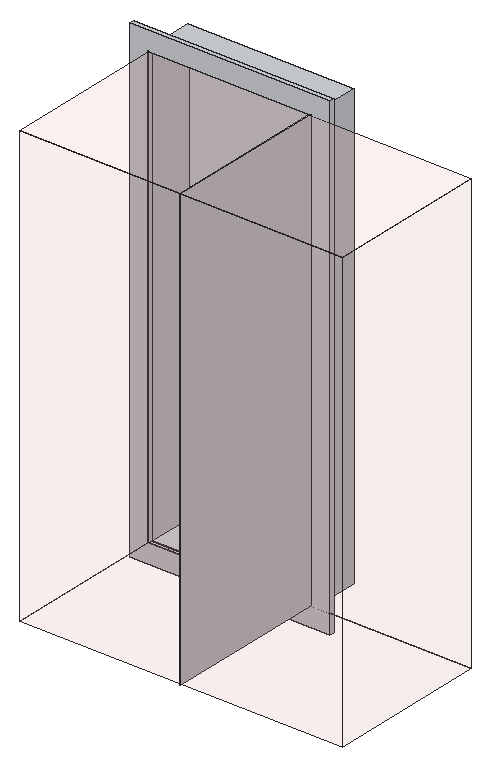
Revit family "Hager-VOLTA-Flush_mounted-IP30-With_Cover-Without_DIN-NoHosted-PL-pl", category Electrical Equipment, Revit 2023
Family settings
  Panel Configuration = Two Columns, Circuits Across
  Round Connector Dimension = Use Diameter
  Part Type = Panelboard
  Work Plane-Based = Yes
  Always vertical = Yes
  Cut with Voids When Loaded = No
  Maintain Annotation Orientation = No
  Shared = No
  Room Calculation Point = No
Parameters (values of type "VOLTA-Flush_mounted_W348_H880_D98_12_Modular_Spacing-VU60NWP")
  Width Control [instance] = if([HG000006-Flush mounted-pl], if([EF000846 - Szerokość wbudowania] > min_whd, [EF000846 - Szerokość wbudowania], min_whd), if([EF000008 - Szerokość] > min_whd, ([EF000008 - Szerokość]), min_whd))  # 314.5 mm
  Void Depth [instance] = if([EF000218 - Głębokość wbudowania] > 1 mm, [EF000218 - Głębokość wbudowania], 1 mm)  # 89 mm
  Uniformat code = "D501001"
  Uniformat = "Low Tension Service & Dist."
  Référence = ""
  HGEF0002950-Szerokość wyrażona liczbą modułów = 12
  HGEF000266-Liczba rzędów = 0
  HG000131 - Functional label [instance] = ""
  HG000130 - Functional name [instance] = ""
  HG000099-Onfly Template ID-pl-PL = "507532"
  HG000059-Operating voltage-pl-PL [instance] = 230 V
  HG000017-Distance between poles-pl = 18 mm
  HG000016-Door 3D visibility-pl = yes
  HG000015-Clearance visibility-pl = yes
  HG000014-Door on the right-pl = yes
  HG000013-Door on the left-pl = no
  HG000012-Door swing angle-pl = 90.00°
  HG000011-Empty rows from bottom-pl = no
  HG000010-Asymmetric doors-pl = no
  HG000009-Double swing door-pl = no
  HG000008-Number of empty rows-pl = 0
  HG000007-Number of empty columns-pl = 0
  HG000006-Flush mounted-pl = yes
  HG000005-Thickness-pl = 2 mm
  HG000004-Manufacturer reference-pl = "VU60NWP"
  HG000003-Range-pl = "VOLTA"
  HG000002-with door or cover-pl = yes
  HG000001-Number of columns-pl = 0
  ETIM class name = "Small distribution board"
  ETIM class code = "EC000214"
  EF015941 - Drzwi przepuszczające sygnał = no
  EF015777 - Listwa zaciskowa przewodu neutralnego = yes
  EF015776 - Listwa zaciskowa uziemienia = yes
  EF009212 - Wykonanie/rodzaj pokrywy = "Z otworem"
  EF006306 - Z zamkiem = no
  EF006244 - Transparentna pokrywa/drzwi = no
  EF005474 - Stopień ochrony (IP) = "IP30"
  EF004464 - Rodzaj drzwi = ""
  EF004462 - Rodzaj zamknięcia = "Inne"
  EF002950 - Szerokość wyrażona liczbą modułów = 12
  EF001596 - Materiał obudowy = ""
  EF001134 - Szyna DIN = no
  EF001131 - Głębokość wewnętrzna = 0 mm
  EF001088 - Możliwość rozbudowy = yes
  EF001062 - Wykonanie zgodne z Dyrektywą Kompatybilności Elektromagnetycznej EMC = no
  EF000846 - Szerokość wbudowania = 314.5 mm
  EF000339 - Rodzaj pokrywy = ""
  EF000332 - Wysokość wbudowania = 845 mm
  EF000266 - Liczba rzędów = 0
  EF000218 - Głębokość wbudowania = 89 mm
  EF000118 - Z płytą montażową = yes
  EF000116 - Numer RAL = 9010
  EF000049 - Głębokość = 98 mm
  EF000040 - Wysokość = 880 mm
  EF000024 - Odporność na promieniowanie UV = no
  EF000008 - Szerokość = 348 mm
  EF000007 - Kolor = "Biały"
  EF000003 - Sposób montażu = "Montaż podtynkowy"
  Type Comments = ""
  System Height [instance] = Height Control - 2 * [HG000005-Thickness-pl]  # 841 mm
  Reference description = ""
  Reference = "VOLTA-Flush_mounted_W348_H880_D98_12_Modular_Spacing-VU60NWP"
  Panel Name [instance] = ""  # (empty or 0)
  Offset [instance] = 0 mm
  Object type = ""
  Name hager = "ADD_Enclosures_EC000214"
  Name BIM&CO = "Electricity"
  Name = "VOLTA-Flush_mounted-IP30-With_Cover-Without_DIN-PL"
  Model = ""
  Level Offset [instance] = [Flush Mounted - Door Frame Width] + Offset  # 35 mm
  HG000060-RAL-number = "9010"
  GTIN (Global Trade Item Number) = ""
  Description = ""
  Default Elevation = 1200 mm
  Creation Date = "12/15/2025 21:47:10"
  Code hager = "ADD-EC000214_EU"
  Code Uniformat = ""
  BIM&CO code = ""
  BC_VARIANT_ID = "1174407"
  BC_OBJECT_VERSION = "#5"  # constant formula
  BC_OBJECT_ID = "513497"  # constant formula
  BC_MODEL_ID = "1547213"  # constant formula
  BC_METADATA = "{\"ObjectGuid\":\"bc35c96e-cb38-443e-833d-0616858cb9ac\",\"ModelGuid\":\"8af03f69-2293-4735-a617-cc53adf55621\",\"VariantGuid\":\"8b6e323b-1b53-409a-a940-11b5a7fc5337\",\"Revision\":\"#4\",\"VariantName\":\"Template-Enclosure_EU-EC000214\"}"
  Arrow Offset [instance] = Depth Control / 8  # 11.125 mm
  Arrow Height [instance] = Depth Control - Arrow Offset  # 77.875 mm
  Host Offset [instance] = if([HG000006-Flush mounted-pl], 0 mm, [EF000049 - Głębokość])  # 0 mm
  min_whd [instance] = (2 * [HG000005-Thickness-pl]) + 1 mm  # 5 mm
  Manufacturer = "Hager"  # constant formula
  Height Control [instance] = if([HG000006-Flush mounted-pl], if([EF000332 - Wysokość wbudowania] > min_whd, [EF000332 - Wysokość wbudowania], min_whd), if([EF000040 - Wysokość] > min_whd, ([EF000040 - Wysokość]), min_whd))  # 845 mm
  Flush Mounted - Door Frame Width [instance] = if(([EF000040 - Wysokość] - [EF000332 - Wysokość wbudowania]) > 0 mm, if([HG000006-Flush mounted-pl], [EF000040 - Wysokość] - [EF000332 - Wysokość wbudowania], 0 mm), 0 mm)  # 35 mm
  Depth Control [instance] = if([HG000006-Flush mounted-pl], if([EF000218 - Głębokość wbudowania] > 0 mm, [EF000218 - Głębokość wbudowania], 1 mm), if([EF000049 - Głębokość] > 0 mm, ([EF000049 - Głębokość]), 1 mm))  # 89 mm
Types (3, lengths in mm): name | HG000004-Manufacturer reference-pl | EF000332 - Wysokość wbudowania | EF000040 - Wysokość | System Height | Reference | BC_VARIANT_ID | Height Control
  VOLTA-Flush_mounted_W348_H630_D98_12_Modular_Spacing-VU36NWP | "VU36NWP" | 595 | 630 | 591 | "VOLTA-Flush_mounted_W348_H630_D98_12_Modular_Spacing-VU36NWP" | "1174403" | 595
  VOLTA-Flush_mounted_W348_H755_D98_12_Modular_Spacing-VU48NWP | "VU48NWP" | 720 | 755 | 716 | "VOLTA-Flush_mounted_W348_H755_D98_12_Modular_Spacing-VU48NWP" | "1174405" | 720
  VOLTA-Flush_mounted_W348_H880_D98_12_Modular_Spacing-VU60NWP | "VU60NWP" | 845 | 880 | 841 | "VOLTA-Flush_mounted_W348_H880_D98_12_Modular_Spacing-VU60NWP" | "1174407" | 845
Reference planes
  plane 1 "Center (Front/Back)": y = 0
  plane 2: z = 0
  plane 3 "Center (Left/Right)": x = 0
  plane 4: y = 37
  plane 5: y = 89
  plane 6: y = 35
  plane 7: z = 0
  plane 8: x = -157.25
  plane 9: x = 157.25
  plane 10: x = 155.25
  plane 11: x = -155.25
  plane 12: z = 35
  plane 13: z = 37
  plane 14: y = 5
  plane 15: y = 0
  plane 16: y = 87
  plane 17: z = 878
  plane 18: z = 880
  plane 19: z = 457.5
  plane 20: x = 0
  plane 21: y = -100
  plane 22 "Annotation H": y = -300
  plane 23 "Annotation V": x = 357.25
Forms (mm)
  Extrusion 1, solid
    sketch origin (-208.679, -4572, 35) x (-1, 0, 0) y (0, -1, 0)
      loop
        line (-51.429, -4572) -> (-365.929, -4572) -> (-365.929, -4661) -> (-51.429, -4661) -> (-51.429, -4572)
    from 0 to 845 <- "Height Control"
  Extrusion 2, void
    sketch origin (-350.771, 0, 1219.2) x (1, 0, 0) y (0, 0, 1)
      loop
        line (195.521, -341.2) -> (195.521, -1182.2) -> (506.021, -1182.2) -> (506.021, -341.2) -> (195.521, -341.2)
    from 0 to -87
  Extrusion 3, solid, detail levels coarse+medium
    sketch origin (-350.771, 0, 1219.2) x (-1, 0, 0) y (0, 0, 1)
      loop
        line (-195.521, -341.2) -> (-506.021, -341.2) -> (-506.021, -1182.2) -> (-195.521, -1182.2) -> (-195.521, -341.2)
    from 0 to 2 <- "HG000005-Thickness-pl"
Cuts and joins
  Extrusion 2 cuts Extrusion 1
Dimensions and locks
  "Flush Mounted - Door Frame Width": plane 1 "Center (Front/Back)" to plane 6
  "HG000005-Thickness-pl": plane 4 to plane 6
  "HG000005-Thickness-pl": plane 8 to plane 11
  "HG000005-Thickness-pl": plane 9 to plane 10
  equal spacing: plane 8, plane 3 "Center (Left/Right)", plane 9
  "Width Control": plane 8 to plane 9
  locked: plane 14 to plane 15 at 5
  "Host Offset": plane 1 "Center (Front/Back)" to plane 15
  "Depth Control": plane 5 to plane 15
  "HG000005-Thickness-pl": plane 5 to plane 16
  "HG000005-Thickness-pl": plane 13 to plane 12
  "Level Offset": plane 12 to level
  "HG000005-Thickness-pl": plane 18 to plane 17
  "Height Control": plane 18 to plane 12
  "Arrow Offset": plane 5 to nested 4
  equal spacing: plane 18, plane 19, plane 12
  locked: connector elem to plane 19
  locked: connector elem to plane 3 "Center (Left/Right)"
  Extrusion 2 sketch curve to Extrusion 2 sketch curve to plane 9 = 310.5 mm, 2 mm
  locked: plane 9 to plane 23 "Annotation V" at 200
  locked: plane 22 "Annotation H" to plane 1 "Center (Front/Back)" at 300
  aligned and locked: nested 1 to plane 14
  aligned and locked: plane 3 "Center (Left/Right)" to nested 1
  aligned and locked: plane 3 "Center (Left/Right)" to nested 2
  aligned and locked: nested 2 to plane 15
  aligned and locked: plane 5 to Extrusion 1
  aligned and locked: Extrusion 3 sketch curve to plane 17
  aligned and locked: Extrusion 3 sketch curve to plane 11
  aligned and locked: plane 13 to Extrusion 3 sketch curve
  aligned and locked: Extrusion 3 sketch curve to plane 10
  aligned and locked: plane 13 to Extrusion 2 sketch curve
  aligned and locked: Extrusion 2 sketch curve to plane 17
  aligned and locked: plane 16 to Extrusion 2
  aligned and locked: plane 5 to Extrusion 1 sketch curve
  aligned and locked: plane 9 to Extrusion 1 sketch curve
  aligned and locked: plane 8 to Extrusion 1 sketch curve
  aligned and locked: plane 8 to nested 4
  aligned and locked: plane 8 to nested 3
  aligned and locked: nested 3 to plane 5
  aligned and locked: Extrusion 1 sketch curve to plane 15
  aligned and locked: Extrusion 2 to plane 15
  aligned and locked: nested 5 to plane 22 "Annotation H"
  aligned and locked: plane 23 "Annotation V" to nested 5
  aligned and locked: plane 11 to Extrusion 2
  aligned and locked: plane 10 to Extrusion 2
Nested families
  nested 1: "Hager_Enclosure_System" at (0, 5, 37), Height <- "System Height", Width_Control <- "Width Control", Built-in_Width <- "EF000846 - Szerokość wbudowania", Width <- "EF000008 - Szerokość", Depth <- "HG000005-Thickness-pl", Border <- "HG000005-Thickness-pl", Distance_Between_Poles <- "HG000017-Distance between poles-pl", Flush_Mounted <- "HG000006-Flush mounted-pl", Empty_Columns <- "HG000007-Number of empty columns-pl", Total_No_Empty_Rows <- "HG000008-Number of empty rows-pl", Empty_Rows_From_Bottom <- "HG000011-Empty rows from bottom-pl", Columns_Count <- "HG000001-Number of columns-pl", Rows_Count <- "HGEF000266-Liczba rzędów", Row_Module_Multiplicator <- "HGEF0002950-Szerokość wyrażona liczbą modułów", type "Hager_Enclosure_System", detail levels medium+fine
    with Width_Control 314.5 mm, Width 348 mm, Total_No_Rows 0, Total_No_Empty_Rows 0, Total_No_Columns 1, System_Width 310.5 mm, Rows_Count 0, Rows_Column 0, Row_Module_Multiplicator 12, Panel_4 no, Panel_3 no, Panel_2 no, Panel_1 no, No_Panels_Ctrl 1, Hide_Columns yes, Height 841 mm, Flush_Mounted yes, Empty_Rows_From_Bottom no, Empty_Rows_Column 0, Empty_Columns 0, Empty column 4 0, Empty column 3 0, Empty column 2 0, Empty column 1 0, Distance_Between_Poles 18 mm, Depth 2 mm, Columns_Count 0, Column_Width 310.5 mm, Built-in_Width 314.5 mm, Border 2 mm
  nested 2: "Hager_Enclosure_Door" at (0, 0, 35), Height_Ctrl <- "Height Control", Width_Ctrl <- "Width Control", BuiltIn_Depth <- "EF000218 - Głębokość wbudowania", Depth <- "EF000049 - Głębokość", BuiltIn_Width <- "EF000846 - Szerokość wbudowania", Height <- "EF000040 - Wysokość", BuiltIn_Height <- "EF000332 - Wysokość wbudowania", Width <- "EF000008 - Szerokość", Transparent <- "EF006244 - Transparentna pokrywa/drzwi", Border <- "HG000005-Thickness-pl", Door <- "HG000002-with door or cover-pl", Flush_Mounted <- "HG000006-Flush mounted-pl", Double <- "HG000009-Double swing door-pl", Assymetrical <- "HG000010-Asymmetric doors-pl", Angle <- "HG000012-Door swing angle-pl", Door_Left <- "HG000013-Door on the left-pl", Door_Right <- "HG000014-Door on the right-pl", Clearance <- "HG000015-Clearance visibility-pl", 3d_Door <- "HG000016-Door 3D visibility-pl", type "Hager_Enclosure_Door", detail levels medium+fine
    with min_wh 5 mm, Width_Ctrl 314.5 mm, Width 348 mm, Transparent_Door_No_Bottom_Border no, Transparent no, Leaf_Width 307.5 mm, Leaf_Tolerance 1.5 mm, Leaf_Height 838 mm, Leaf_2_Width 307.5 mm, Leaf_2_Offset 153.75 mm, Leaf_1_Width 307.5 mm, Leaf_1_Offset 153.75 mm, Height_Ctrl 845 mm, Height 880 mm, Frame_Width_Ctrl 33.5 mm, Frame_Width 33.5 mm, Frame_Internal_Offset 2 mm, Frame_Height_Ctrl 35 mm, Frame_Height 35 mm, Frame_Depth_Ctrl 9 mm, Frame_Depth 9 mm, Flush_Mounted yes, Double_Clearance_Ctrl no, Double no, Door_Right_Ctrl yes, Door_Right yes, Door_Left_Ctrl no, Door_Left no, Door yes, Depth 98 mm, Clearance_Depth 307.5 mm, Clearance_Ctrl yes, Clearance yes, BuiltIn_Width 314.5 mm, BuiltIn_Height 845 mm, BuiltIn_Depth 89 mm, Border 2 mm, Assymetrical no, Angle 90.00°, 3d_Door yes
  nested 3: "Hager_Enclosure_Symbol_Triangle" at (-157.25, 89, 0), Depth <- "Depth Control", Width <- "Width Control", type "Hager_Enclosure_Symbol_Triangle"
    with Width_Ctrl 314.5 mm, Width 314.5 mm, Depth_Ctrl 89 mm, Depth 89 mm
  nested 4: "Hager_Enclosure_Symbol_Arrow" at (-157.25, 77.875, 0), Height <- "Arrow Height", type "Hager_Enclosure_Symbol_Arrow"
    with Width_Inside 5.841 mm, Width 70.087 mm, Height_Ctrl 77.875 mm, Height 77.875 mm
  nested 5: "Hager_Annotation-HG000130" at (357.25, -300, 0), HG000130 - Functional name <- "HG000130 - Functional name", type "Hager_Annotation-HG000130"
    with HG000130 - Functional name ""
Connectors
  electrical at (0, 89, 457.5), driven by "HG000059-Operating voltage-pl-PL"
    settings: on plane 5, index 1, voltage 230 V, apparent load 0 VA, apparent load phase1 0 VA, apparent load phase2 0 VA, apparent load phase3 0 VA, power factor 1, load classification "Other", number of poles 1, system type 30, power factor state 1, is connector primary yes, connector utility no, sub classification motor no, connector description ""
Definition of nested family "Hager_Enclosure_Door"
  Parameters (values of type "Hager_Enclosure_Door")
    min_wh [instance] = (2 * Border) + 1 mm  # 11 mm
    Width_Ctrl [instance] = 400 mm
    Width [instance] = 500 mm
    Transparent_Door_No_Bottom_Border [instance] = no
    Transparent [instance] = yes
    Leaf_Width [instance] = if((Width_Ctrl - 2 * Border - 2 * Leaf_Tolerance) > 0 mm, (Width_Ctrl - 2 * Border - 2 * Leaf_Tolerance), min_wh)  # 387 mm
    Leaf_Tolerance [instance] = 1.5 mm  # constant formula
    Leaf_Height [instance] = if((Height_Ctrl - 2 * Border - 2 * Leaf_Tolerance) > 0 mm, (Height_Ctrl - 2 * Border - 2 * Leaf_Tolerance), min_wh)  # 387 mm
    Leaf_2_Width [instance] = if(and(and(Double, Assymetrical), Door_Left), (Leaf_Width / 3) - (Leaf_Tolerance / 2), if(and(and(Double, Assymetrical), Door_Right), (Leaf_Width / 3) * 2 - (Leaf_Tolerance / 2), if(and(Double, not(Assymetrical)), (Leaf_Width / 2) - Leaf_Tolerance, Leaf_Width)))  # 387 mm
    Leaf_2_Offset [instance] = if(and(Double, Assymetrical), Leaf_2_Width / 2, if(and(Double, not(Assymetrical)), Leaf_Width / 4, Leaf_Width / 2))  # 193.5 mm
    Leaf_1_Width [instance] = if(and(and(Double, Assymetrical), Door_Right), (Leaf_Width / 3) - (Leaf_Tolerance / 2), if(and(and(Double, Assymetrical), Door_Left), (Width / 3) * 2 - (Leaf_Tolerance / 2), if(and(Double, not(Assymetrical)), (Leaf_Width / 2) - Leaf_Tolerance, Leaf_Width)))  # 387 mm
    Leaf_1_Offset [instance] = if(and(Double, Assymetrical), Leaf_1_Width / 2, if(and(Double, not(Assymetrical)), Leaf_Width / 4, Leaf_Width / 2))  # 193.5 mm
    Height_Ctrl [instance] = 400 mm
    Height [instance] = 500 mm
    Frame_Width_Ctrl [instance] = if(Frame_Width > 0 mm, Frame_Width, 1 mm)  # 1 mm
    Frame_Width [instance] = Width - BuiltIn_Width  # 0 mm
    Frame_Internal_Offset [instance] = if(Flush_Mounted, Border, 0 mm)  # 5 mm
    Frame_Height_Ctrl [instance] = if(Frame_Height > 0 mm, Frame_Height, 1 mm)  # 1 mm
    Frame_Height [instance] = Height - BuiltIn_Height  # 0 mm
    Frame_Depth_Ctrl [instance] = if(Frame_Depth > 0 mm, Frame_Depth, 1 mm)  # 1 mm
    Frame_Depth [instance] = if(Depth - BuiltIn_Depth > 0 mm, if(Flush_Mounted, Depth - BuiltIn_Depth, 0 mm), 0 mm)  # 0 mm
    Flush_Mounted [instance] = yes
    Double_Clearance_Ctrl [instance] = and(Double, Clearance)  # no
    Double [instance] = no
    Door_Right_Ctrl [instance] = and(or(Door_Right, Double), Door)  # yes
    Door_Right [instance] = yes
    Door_Left_Ctrl [instance] = and(or(Door_Left, Double), Door)  # no
    Door_Left [instance] = no
    Door [instance] = yes
    Depth [instance] = 500 mm
    Default Elevation = 1219.2 mm
    Clearance_Material = none
    Clearance_Depth [instance] = if(Leaf_1_Width > Leaf_2_Width, Leaf_1_Width, Leaf_2_Width)  # 387 mm
    Clearance_Ctrl [instance] = and(not(Double), Clearance)  # yes
    Clearance [instance] = yes
    BuiltIn_Width [instance] = 500 mm
    BuiltIn_Height [instance] = 500 mm
    BuiltIn_Depth [instance] = 500 mm
    Border [instance] = 5 mm
    Assymetrical [instance] = yes
    Angle [instance] = 30.00°
    3d_Door [instance] = yes
  Reference planes
    plane 1 "Center (Front/Back)": y = 0
    plane 2 "Bottom": z = 0
    plane 3 "Center (Left/Right)": x = 0
    plane 4: z = 400
    plane 5: x = -200
    plane 6: x = 200
    plane 7: z = 395
    plane 8: x = -195
    plane 9: z = 5
    plane 10: x = 195
    plane 11: y = 0
    plane 12: z = 6.5
    plane 13: x = -582
    plane 14: y = -387
    plane 15: x = 582
    plane 16: x = 0
    plane 17: x = 0
    plane 18: x = -193.5
    plane 19: x = 193.5
    plane 20: z = 393.5
  Forms (mm)
    Extrusion 1, solid, visible <- "Flush_Mounted"
      sketch origin (0, 0, 0) x (1, 0, 0) y (0, 0, 1)
        loop
          line (195, 5) -> (195, 395) -> (-195, 395) -> (-195, 5) -> (195, 5)
        loop
          line (-201, 401) -> (-201, -1) -> (201, -1) -> (201, 401) -> (-201, 401)
      from 0 to 1 <- "Frame_Depth_Ctrl"
    Extrusion 2, solid, material <- "Clearance_Material", visible <- "Double_Clearance_Ctrl"
      sketch origin (1200, 0, 0) x (1, 0, 0) y (0, 0, -1)
        loop
          line (-1782, -393.5) -> (-618, -393.5) -> (-618, 0) -> (-1782, 0) -> (-1782, -393.5)
      from 0 to -387
  Dimensions and locks
    equal spacing: plane 5, plane 3 "Center (Left/Right)", plane 6
    "Width_Ctrl": plane 5 to plane 6
    "Border": plane 5 to plane 8
    "Border": plane 6 to plane 10
    "Border": plane 9 to level
    "Border": plane 4 to plane 7
    "Height_Ctrl": plane 4 to level
    "Leaf_Tolerance": plane 12 to plane 9
    "Frame_Depth": plane 11 to plane 1 "Center (Front/Back)"
    "Frame_Width_Ctrl": plane 5 to Extrusion 1 sketch curve
    "Frame_Width_Ctrl": plane 6 to Extrusion 1 sketch curve
    "Frame_Width_Ctrl": Extrusion 1 sketch curve to plane 4
    "Frame_Width_Ctrl": plane 2 "Bottom" to Extrusion 1 sketch curve
    "Leaf_1_Offset": plane 18 to plane 16
    "Leaf_2_Offset": plane 17 to plane 19
    "Leaf_1_Width": plane 13 to plane 8
    "Leaf_2_Width": plane 10 to plane 15
    "Clearance_Depth": plane 14 to plane 1 "Center (Front/Back)"
    "Leaf_Tolerance": plane 8 to plane 18
    "Leaf_Tolerance": plane 19 to plane 10
    "Leaf_Tolerance": plane 7 to plane 20
    "Frame_Internal_Offset": plane 5 to Extrusion 1 sketch curve
    "Frame_Internal_Offset": Extrusion 1 sketch curve to plane 2 "Bottom"
    "Frame_Internal_Offset": plane 6 to Extrusion 1 sketch curve
    "Frame_Internal_Offset": plane 4 to Extrusion 1 sketch curve
    aligned and locked: level to plane 2 "Bottom"
    aligned and locked: nested 1 to plane 16
    aligned and locked: nested 2 to plane 17
    aligned and locked: Extrusion 2 to plane 13
    aligned and locked: plane 15 to Extrusion 2
    aligned and locked: Extrusion 2 to plane 14
    aligned and locked: plane 12 to nested 1
    aligned and locked: nested 2 to plane 12
    aligned and locked: Extrusion 2 to plane 11
    aligned and locked: plane 20 to Extrusion 2
    aligned and locked: nested 2 to plane 11
    aligned and locked: nested 1 to plane 11
  Automatic sketch dimensions
    Extrusion 2 sketch curve to level = 0 mm
    plane 5 to Extrusion 2 sketch curve = 382 mm
    plane 6 to Extrusion 2 sketch curve = 382 mm
    Extrusion 2 sketch curve to plane 4 = 6.5 mm
  Nested families
    nested 1: "Hager_Enclosure_Door_Leaf" at (0, 0, 6.5), Width <- "Leaf_1_Width", visible <- "Door_Left_Ctrl", Leaf_Height <- "Leaf_Height", Angle <- "Angle", Depth <- "Border", 3d_Door <- "3d_Door", Transparent <- "Transparent", Clearance Material <- "Clearance_Material", Clearance <- "Clearance_Ctrl", Transparent_Door_No_Bottom_Border <- "Transparent_Door_No_Bottom_Border", type "Hager_Enclosure_Door_Leaf"
      with Width 387 mm, Transparent_Door_No_Bottom_Border no, Transparent_Door_Border_Bottom_Top 25 mm, Transparent_Door_Border 25 mm, Transparent_Ctrl yes, Transparent yes, Standard no, Leaf_Height 387 mm, Glass_Offset 1 mm, Depth 5 mm, Clearance Material none, Clearance yes, Angle_Ctrl 30.00°, Angle 30.00°, 3d_Door yes
    nested 2: "Hager_Enclosure_Door_Leaf" at (0, 0, 6.5) x (-1, 0, 0) z (0, 0, 1), Width <- "Leaf_2_Width", visible <- "Door_Right_Ctrl", Leaf_Height <- "Leaf_Height", Angle <- "Angle", Depth <- "Border", 3d_Door <- "3d_Door", Transparent <- "Transparent", Clearance Material <- "Clearance_Material", Clearance <- "Clearance_Ctrl", Transparent_Door_No_Bottom_Border <- "Transparent_Door_No_Bottom_Border", type "Hager_Enclosure_Door_Leaf"
      with Width 387 mm, Transparent_Door_No_Bottom_Border no, Transparent_Door_Border_Bottom_Top 25 mm, Transparent_Door_Border 25 mm, Transparent_Ctrl yes, Transparent yes, Standard no, Leaf_Height 387 mm, Glass_Offset 1 mm, Depth 5 mm, Clearance Material none, Clearance yes, Angle_Ctrl 30.00°, Angle 30.00°, 3d_Door yes
  Definition of nested family "Hager_Enclosure_Door_Leaf"
    Parameters (values of type "Hager_Enclosure_Door_Leaf")
      Width [instance] = 2000 mm
      Transparent_Door_No_Bottom_Border [instance] = yes
      Transparent_Door_Border_Bottom_Top [instance] = if(Transparent_Door_No_Bottom_Border, 0.1 mm, Transparent_Door_Border)  # 0.1 mm
      Transparent_Door_Border [instance] = if(Transparent_Door_No_Bottom_Border, (Width * 0.12), 25 mm)  # 240 mm
      Transparent_Ctrl [instance] = and(Transparent, [3d_Door])  # yes
      Transparent [instance] = yes
      Standard [instance] = and(not(Transparent), [3d_Door])  # no
      Leaf_Height [instance] = 2720.336 mm
      Glass_Offset [instance] = if((Depth - 10 mm) / 2 > 0 mm, (Depth - 10 mm) / 2, 1 mm)  # 15 mm
      Glass_Material = none
      Depth [instance] = 40 mm
      Default Elevation = 0 mm
      Clearance Material [instance] = none
      Clearance [instance] = yes
      Angle_Ctrl [instance] = if(Angle > 170.00°, 170.00°, Angle)  # 45.00°
      Angle [instance] = 45.00°
      3d_Door [instance] = yes
    Reference planes
      plane 1 "Center (Front/Back)": y = 0
      plane 2: z = 0
      plane 3 "Center (Left/Right)": x = 0
      plane 4: y = 2000
      plane 5: x = -1000
      plane 6: x = 1000
      plane 7: x = -3000
      plane 8: z = 2720.336
      plane 9: z = 0.1
      plane 10: z = 2720.236
      plane 11: x = 760
      plane 12: x = -760
    Forms (mm)
      Extrusion 1, solid, material <- "Clearance Material", visible <- "Clearance"
        sketch origin (0, 0, 0) x (1, 0, 0) y (0, 0, 1)
          loop
            line (-3000, 2720.336) -> (-3000, 0) -> (1000, 0) -> (1000, 2720.336) -> (-3000, 2720.336)
        from 0 to -2000
      Extrusion 2, solid, visible <- "Standard", detail levels medium+fine
        sketch origin (-1000, 0, 0) x (0.707107, 0.707107, 0) y (-0.707107, 0.707107, 0)
          loop
            line (0, -40) -> (2000, -40) -> (2000, 0) -> (0, 0) -> (0, -40)
        from 0 to 2720.336 <- "Leaf_Height"
      Extrusion 3, solid, visible <- "Transparent_Ctrl", detail levels medium+fine
        sketch origin (-1000, 0, 0) x (0.707107, 0.707107, 0) y (-0.707107, 0.707107, 0)
          loop
            line (0, -40) -> (2000, -40) -> (2000, 0) -> (0, 0) -> (0, -40)
        from 0 to 2720.336 <- "Leaf_Height"
      Extrusion 4, void, detail levels medium+fine
        sketch origin (-1000, 0, 0) x (-0.707107, 0.707107, 0) y (0.707107, 0.707107, 0)
          loop
            line (0, 240) -> (0, 1760) -> (-40, 1760) -> (-40, 240) -> (0, 240)
        from -2720.236 to -0.1
      Extrusion 5, solid, material <- "Glass_Material", visible <- "Transparent_Ctrl", detail levels medium+fine
        sketch origin (-1000, 0, 0) x (0.707107, 0.707107, 0) y (-0.707107, 0.707107, 0)
          loop
            line (240, -15) -> (240, -25) -> (1760, -25) -> (1760, -15) -> (240, -15)
        from 0.1 to 2720.236
    Cuts and joins
      Extrusion 4 cuts Extrusion 3
    Lines and regions (mm)
      symbolic lines
        curve 1: line (1000, 0, 0) -> (-3000, 0, 0)
        curve 2: arc (1000, 0, 0) -> (-1000, 2000, 0) -> (-3000, 0, 0) r 2000
        curve 4: line (-1000, 0, 0) -> (414.214, 1414.214, 0)
      reference lines
        curve 3: line (-1000, 0, 0) -> (414.214, 1414.214, 0)
      symbolic lines, detail levels medium+fine
        curve 5: line (414.214, 1414.214, 0) -> (442.498, 1385.929, 0)
        curve 6: line (442.498, 1385.929, 0) -> (-971.716, -28.284, 0)
        curve 7: line (-971.716, -28.284, 0) -> (-1000, 0, 0)
        curve 8: line (-1000, 0, 2720.336) -> (1000, 0, 2720.336)
        curve 9: line (-1000, 0, 0) -> (-1000, 0, 2720.336)
        curve 10: line (1000, 0, 0) -> (-1000, 0, 0)
        curve 11: line (1000, 0, 2720.336) -> (1000, 0, 0)
      symbolic lines, visible <- "Transparent_Ctrl", detail levels medium+fine
        curve 12: line (-760, 0, 2720.236) -> (760, 0, 2720.236)
        curve 13: line (-760, 0, 0.1) -> (-760, 0, 2720.236)
        curve 14: line (760, 0, 0.1) -> (-760, 0, 0.1)
        curve 15: line (760, 0, 2720.236) -> (760, 0, 0.1)
    Dimensions and locks
      "Width": plane 1 "Center (Front/Back)" to plane 4
      equal spacing: plane 5, plane 3 "Center (Left/Right)", plane 6
      "Width": plane 5 to plane 6
      "Width": plane 7 to plane 5
      "Leaf_Height": plane 8 to level
      "Depth": curve 6 to curve 3
      "Width": curve 5 to curve 3
      "Width": curve 3 to curve 3
      "Transparent_Door_Border": Extrusion 4 sketch curve to curve 7
      "Transparent_Door_Border": Extrusion 4 sketch curve to curve 5
      "Transparent_Door_Border_Bottom_Top": plane 8 to plane 10
      "Transparent_Door_Border_Bottom_Top": plane 9 to level
      "Glass_Offset": Extrusion 5 sketch curve to curve 4
      "Glass_Offset": Extrusion 5 sketch curve to curve 6
      "Transparent_Door_Border": Extrusion 5 sketch curve to curve 5
      "Transparent_Door_Border": Extrusion 5 sketch curve to curve 7
      "Transparent_Door_Border": plane 12 to plane 5
      "Transparent_Door_Border": plane 6 to plane 11
      "Angle_Ctrl": angle plane 1 "Center (Front/Back)" to curve 3
      aligned and locked: level to plane 2
      aligned and locked: Extrusion 1 to curve 1
      aligned and locked: plane 6 to Extrusion 1
      aligned and locked: Extrusion 1 to plane 1 "Center (Front/Back)"
      aligned and locked: plane 4 to Extrusion 1
      aligned and locked: plane 8 to Extrusion 1
      aligned and locked: curve 4 to curve 3
      aligned and locked: Extrusion 2 sketch curve to curve 7
      aligned and locked: Extrusion 2 sketch curve to curve 6
      aligned and locked: Extrusion 2 sketch curve to curve 5
      aligned and locked: Extrusion 2 sketch curve to curve 3
      aligned and locked: curve 7 to Extrusion 3 sketch curve
      aligned and locked: Extrusion 3 sketch curve to curve 4
      aligned and locked: Extrusion 3 sketch curve to curve 6
      aligned and locked: Extrusion 3 sketch curve to curve 5
      aligned and locked: curve 4 to Extrusion 4 sketch curve
      aligned and locked: curve 6 to Extrusion 4 sketch curve
      aligned and locked: Extrusion 4 to plane 9
      aligned and locked: Extrusion 4 to plane 10
      aligned and locked: Extrusion 5 to plane 9
      aligned and locked: Extrusion 5 to plane 10
      aligned and locked: curve 8 to plane 8
      aligned and locked: plane 5 to curve 9
      aligned and locked: plane 2 to curve 10
      aligned and locked: curve 11 to plane 6
      aligned and locked: plane 10 to curve 12
      aligned and locked: plane 12 to curve 13
      aligned and locked: curve 14 to plane 9
      aligned and locked: plane 11 to curve 15
    Automatic sketch dimensions
      plane 1 "Center (Front/Back)" to curve 2 = 0 mm
      curve 2 to plane 5 = 0 mm
      Extrusion 1 sketch curve to level = 0 mm
      Extrusion 1 sketch curve to plane 7 = 0 mm
      Extrusion 1 sketch curve to plane 6 = 0 mm
      Extrusion 1 sketch curve to plane 8 = 0 mm
      plane 1 "Center (Front/Back)" to curve 3 = 0 mm
      curve 3 to plane 5 = 0 mm
      curve 7 to curve 3 = 0 mm
Definition of nested family "Hager_Enclosure_Symbol_Triangle"
  Parameters (values of type "Hager_Enclosure_Symbol_Triangle")
    Width_Ctrl [instance] = if(Width > 1 mm, Width, 1 mm)  # 498 mm
    Width [instance] = 498 mm
    Depth_Ctrl [instance] = if(Depth > 1 mm, Depth, 1 mm)  # 72 mm
    Depth [instance] = 72 mm
  Reference planes
    plane 1 "Centre (avant/arrière)": y = 0
    plane 2: z = 0
    plane 3 "Centre (gauche/droite)": x = 0
  Lines and regions (mm)
    Filled region 1, type "Solid_Black", in view "Niveau de réf."
      outline origin (0, 0, 0) x (1, 0, 0) y (0, 1, 0)
        loop
          line (0, 0) -> (498, 0) -> (498, 72) -> (0, 0)
    reference lines, in view "Niveau de réf."
      curve 1: line (-206.153, 72, 0) -> (1083.258, 72, 0)
      curve 2: line (498, 405.456, 0) -> (498, -517.619, 0)
  Dimensions and locks
    "Depth_Ctrl": plane 1 "Centre (avant/arrière)" to curve 1
    "Width_Ctrl": plane 3 "Centre (gauche/droite)" to curve 2
    aligned and locked: curve 1 to Filled region 1 sketch curve
    aligned and locked: Filled region 1 sketch curve to plane 1 "Centre (avant/arrière)"
    aligned and locked: curve 2 to Filled region 1 sketch curve
    aligned and locked: plane 3 "Centre (gauche/droite)" to Filled region 1 sketch curve
    aligned and locked: plane 1 "Centre (avant/arrière)" to Filled region 1 sketch curve
  Automatic sketch dimensions
    curve 1 to plane 3 "Centre (gauche/droite)" = 206.153 mm
    curve 2 to curve 1 = 585.258 mm
    plane 1 "Centre (avant/arrière)" to curve 2 = 517.619 mm
    curve 2 to plane 1 "Centre (avant/arrière)" = 405.456 mm
Definition of nested family "Hager_Enclosure_Symbol_Arrow"
  Parameters (values of type "Hager_Enclosure_Symbol_Arrow")
    Width_Inside [instance] = if(Width / 12 > 2 mm, Width / 12, 2 mm)  # 4.987 mm
    Width [instance] = if(Height_Ctrl * 0.9 > 2 mm, Height_Ctrl * 0.9, 2 mm)  # 59.85 mm
    Height_Ctrl [instance] = if(Height > 2 mm, Height, 2 mm)  # 66.5 mm
    Height [instance] = 66.5 mm
  Reference planes
    plane 1 "Centre (avant/arrière)": y = 0
    plane 2: z = 0
    plane 3 "Centre (gauche/droite)": x = 0
    plane 4: x = 59.85
    plane 5: y = 28.263
    plane 6: y = 38.238
    plane 7: y = 66.5
    plane 8: x = 29.925
    plane 9: y = 33.25
  Lines and regions (mm)
    Filled region 1, type "Solid_Black", in view "Niveau de réf."
      outline origin (0, 0, 0) x (1, 0, 0) y (0, 1, 0)
        loop
          line (59.85, 66.5) -> (37.929, 52.827) -> (51.846, 41.935) -> (59.85, 66.5)
    detail lines, in view "Niveau de réf."
      curve 1: line (0, 0, 0) -> (29.925, 38.238, 0)
      curve 2: line (29.925, 38.238, 0) -> (29.925, 28.263, 0)
      curve 3: line (29.925, 28.263, 0) -> (59.85, 66.5, 0)
  Dimensions and locks
    "Width": plane 3 "Centre (gauche/droite)" to plane 4
    "Height_Ctrl": plane 7 to plane 1 "Centre (avant/arrière)"
    equal spacing: plane 3 "Centre (gauche/droite)", plane 8, plane 4
    equal spacing: plane 7, plane 9, plane 1 "Centre (avant/arrière)"
    equal spacing: plane 6, plane 9, plane 5
    "Width_Inside": plane 6 to plane 9
    equal spacing: curve 3, Filled region 1 sketch curve, Filled region 1 sketch curve
    angle Filled region 1 sketch curve to curve 3 = 20.00°
    angle curve 3 to Filled region 1 sketch curve = 20.00°
    locked: curve 3 to Filled region 1 sketch curve (angle 90.00°)
  Automatic sketch dimensions
    plane 1 "Centre (avant/arrière)" to curve 1 = 0 mm
    curve 1 to plane 3 "Centre (gauche/droite)" = 0 mm
    curve 2 to plane 6 = 0 mm
    curve 3 to plane 8 = 0 mm
    curve 3 to plane 4 = 0 mm
    curve 2 to plane 5 = 0 mm
    curve 3 to plane 7 = 0 mm
    Filled region 1 sketch curve to plane 4 = 0 mm
    Filled region 1 sketch curve to plane 7 = 0 mm
Definition of nested family "Hager_Annotation-HG000130"
  Parameters (values of type "Hager_Annotation-HG000130")
    HG000130 - Functional name [instance] = ""
  Reference planes
    plane 1: y = 0
    plane 2: x = 0
  Lines and regions (mm)
    detail lines
      curve 1: line (-27.5, 10, 0) -> (27.5, 10, 0)
      curve 2: line (-27.5, -10, 0) -> (-27.5, 10, 0)
      curve 3: line (27.5, -10, 0) -> (-27.5, -10, 0)
      curve 4: line (27.5, 10, 0) -> (27.5, -10, 0)
  Text (mm)
    label "HG000130 - Functional name" at (0.16, 0.026, 0), shows "HG000130 - Functional name"
